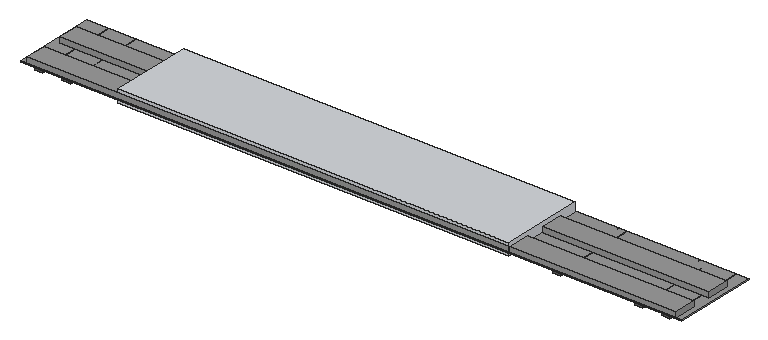
Revit family "2114-2, Veneer", category Generic Models, host Face, Revit 2020
Family settings
  Host = Face
  Can host rebar = No
  Round Connector Dimension = Use Diameter
  Part Type = Normal
  Cut with Voids When Loaded = No
  Shared = No
  Room Calculation Point = No
Parameters
  min_value [instance] = 1' - 11 1/4"  # constant formula
  max_value [instance] = 9' - 11 1/4"  # constant formula
  actual_value [instance] = if(NET LENGTH < min_value, min_value, if(NET LENGTH > max_value, max_value, NET LENGTH))  # 7' - 11 1/4"
  SCRIM MATERIAL [instance] = SCRIM
  SCRIM [instance] = yes
  NET LENGTH [instance] = 7' - 11 1/4"
  Default Elevation = 4' - 0"
  BACKER MATERIAL [instance] = BLACK-BACKERS
  .. MEMBER WIDTH [instance] = 0' - 3 1/4"  # constant formula
  .. MEMBER MATERIAL [instance] = Veneer Cherry
  .. MEMBER LENGTH [instance] = actual_value  # 7' - 11 1/4"
  .. MEMBER DEPTH [instance] = 0' - 0 3/4"  # constant formula
  .. MEMBER COUNT [instance] = 2  # constant formula
  IMPORTANT NOTE!!!                                                                             *Backer layout is for visualization purposes only, final layout to be determined by 9Wood. [instance] = ""
Reference planes (in)
  plane 1 "Center (Front/Back)": y = 0
  plane 2: z = 1.82209
  plane 3 "Center (Left/Right)": x = 0
Forms (in)
  Extrusion 1, solid
    sketch origin (132, -33.80483, 0) x (1, 0, 0) y (0, 1, 0)
      loop
        line (-118.625, 33.80483) -> (-61.26146, 33.80483) -> (-61.26146, 45.86733) -> (-118.625, 45.86733) -> (-118.625, 33.80483)
    from 1.82209 to 0
Dimensions and locks (in)
  aligned and locked: Extrusion 1 to plane 2
  aligned and locked: plane 3 "Center (Left/Right)" to nested 1
Nested families (in)
  nested 1: "1100 SERIES CONFIG" at (0, 2, 0), .. MEMBER DEPTH <- ".. MEMBER DEPTH", .. MEMBER LENGTH <- ".. MEMBER LENGTH", .. MEMBER WIDTH <- ".. MEMBER WIDTH", .. MEMBER MATERIAL <- ".. MEMBER MATERIAL", BACKING M MATERIAL <- "BACKER MATERIAL", SCRIM  MATERIAL <- "SCRIM MATERIAL", .. MEMBER COUNT <- ".. MEMBER COUNT", SCRIM <- "SCRIM", type "1100 SERIES CONFIG"
    with X 7' - 8", SCRIM OVERHANG 2 0' - 0 3/32", SCRIM OVERHANG 0' - 0 7/8", SCRIM LENGTH 8' - 1", SCRIM  MATERIAL SCRIM, SCRIM yes, NOMINAL LENGTH 7, N 8, Inset 6' - 0 3/8", INSET 0' - 1", INDEX 0' - 5 5/8", HALF MEMBER WIDTH 0' - 1 5/8", HALF LENGTH 3' - 11 5/8", END BACKER yes, BACKING M WIDTH 0' - 1 1/4", BACKING M OC SPACING 1' - 0", BACKING M MATERIAL BLACK-BACKERS, BACKING M LENGTH 0' - 11 7/8", BACKING M DEPTH 0' - 0 1/2", BACKING M COUNT 8, 3/16" INSET 0' - 0 3/16", .. MEMBER WIDTH 0' - 3 1/4", .. MEMBER OC SPACING 0' - 6", .. MEMBER MATERIAL Veneer Cherry, .. MEMBER LENGTH 7' - 11 1/4", .. MEMBER DEPTH 0' - 0 3/4", .. MEMBER COUNT 2
Definition of nested family "1100 SERIES CONFIG"
  Parameters (values of type "1100 SERIES CONFIG")
    X [instance] = .. MEMBER LENGTH - 0' 3 1/4"  # 5' - 5"
    SCRIM OVERHANG 2 [instance] = 0' - 0 3/32"  # constant formula
    SCRIM OVERHANG [instance] = 0' - 0 7/8"  # constant formula
    SCRIM LENGTH [instance] = .. MEMBER LENGTH + (SCRIM OVERHANG * 2)  # 5' - 10"
    SCRIM  MATERIAL [instance] = none
    SCRIM [instance] = yes
    NOMINAL LENGTH [instance] = 7
    N [instance] = if((X - (rounddown(X / 1' 0") * 1' 0")) > 1' 0", rounddown(X / 1' 0") + 2, rounddown(X / 1' 0") + 1)  # 6
    Inset [instance] = 6' - 0 3/8"  # constant formula
    INSET [instance] = 0' - 1"  # constant formula
    END BACKER [instance] = INDEX > 0' 3 5/8"  # yes
    INDEX [instance] = (.. MEMBER LENGTH - ((N - 1) * 1' 0")) / 2  # 0' - 4 1/8"
    HALF MEMBER WIDTH [instance] = .. MEMBER WIDTH / 2  # 0' - 0 5/16"
    HALF LENGTH [instance] = .. MEMBER LENGTH / 2  # 2' - 10 1/8"
    Default Elevation = 0' - 0"
    BACKING M WIDTH [instance] = 0' - 1 1/4"
    BACKING M SPACING = 3' - 3"
    BACKING M MATERIAL [instance] = none
    BACKING M LENGTH [instance] = 0' - 11 7/8"
    BACKING M DEPTH [instance] = 0' - 0 1/2"
    BACKING M COUNT [instance] = N  # 6
    BACKING M OC SPACING [instance] = 1' - 0"  # constant formula
    3/16" INSET [instance] = 0' - 0 3/16"  # constant formula
    .. MEMBER WIDTH [instance] = 0' - 0 5/8"
    .. MEMBER OC SPACING [instance] = 1' 0" / .. MEMBER COUNT  # 0' - 4"
    .. MEMBER MATERIAL [instance] = none
    .. MEMBER LENGTH [instance] = 5' - 8 1/4"
    .. MEMBER DEPTH [instance] = 0' - 1 3/8"
    .. MEMBER COUNT [instance] = 3
  Reference planes (in)
    plane 1 "Center (Front/Back)": y = -2
    plane 2: z = 0
    plane 3 "Center (Left/Right)": x = 0
    plane 4: x = 1
    plane 5: x = 4.125
    plane 6: x = 34.125
    plane 7: x = 68.25
    plane 8: x = 67.25
    plane 9: x = 16.125
    plane 10: y = -1.8125
    plane 11: y = -1.6875
    plane 12: y = 2.3125
    plane 13: x = 69.125
    plane 14: x = -0.875
    plane 15: z = 0.5
    plane 16: z = 0.5625
    plane 17: y = 10.0625
    plane 18: y = 10.15625
    plane 19: y = -2.09375
  Dimensions and locks (in)
    "INSET": plane 3 "Center (Left/Right)" to plane 4
    "INDEX": plane 3 "Center (Left/Right)" to plane 5
    "HALF LENGTH": plane 3 "Center (Left/Right)" to plane 6
    ".. MEMBER LENGTH": plane 3 "Center (Left/Right)" to plane 7
    "INSET": plane 8 to plane 7
    equal spacing: group 2, group 3, group 6, group 7, group 8, group 9  (x3)
    "3/16" INSET": plane 1 "Center (Front/Back)" to plane 10
    ".. MEMBER OC SPACING": plane 12 to plane 11
    "SCRIM OVERHANG": plane 14 to plane 3 "Center (Left/Right)"
    "SCRIM OVERHANG": plane 7 to plane 13
    equal spacing: group 1, group 4, group 5  (x2)
    equal spacing: group 5, group 4, group 1
    "HALF MEMBER WIDTH": plane 1 "Center (Front/Back)" to plane 11
    "BACKING M OC SPACING": plane 5 to plane 9
    "SCRIM OVERHANG 2": plane 18 to plane 17
    "SCRIM OVERHANG 2": plane 19 to plane 1 "Center (Front/Back)"
    aligned and locked: level to plane 2
    aligned and locked: plane 6 to nested 1
    aligned and locked: nested 2 to plane 4
    aligned and locked: plane 5 to nested 3
    aligned and locked: plane 1 "Center (Front/Back)" to nested 1
    aligned and locked: nested 2 to plane 10
    aligned and locked: nested 3 to plane 10
    aligned and locked: nested 5 to plane 10
    aligned and locked: nested 4 to plane 10
    aligned and locked: nested 6 to plane 14
    aligned and locked: plane 12 to nested 7
    aligned and locked: nested 7 to plane 3 "Center (Left/Right)"
    aligned and locked: plane 9 to nested 5
    aligned and locked: plane 8 to nested 4
    aligned and locked: plane 15 to nested 2
    aligned and locked: nested 6 to plane 15
    aligned and locked: nested 1 to plane 16
    aligned and locked: nested 7 to plane 16
    aligned and locked: nested 6 to plane 19
  Nested families (in)
    nested 1: "INSTANCE - Parametric Cube" at (34.125, -1.6875, 1.9375), Length <- ".. MEMBER WIDTH", Height <- ".. MEMBER DEPTH", Width <- ".. MEMBER LENGTH", Material <- ".. MEMBER MATERIAL", type "INSTANCE - Parametric Cube"
      with Width 5' - 8 1/4", Material none, Length 0' - 0 5/8", Height 0' - 1 3/8"
    nested 2: "2ND INSTANCE - Parametric Cube" at (1.625, 4.125, 0), Height <- "BACKING M DEPTH", Length <- "BACKING M LENGTH", Width <- "BACKING M WIDTH", Material <- "BACKING M MATERIAL", visible <- "END BACKER", type "2ND INSTANCE - Parametric Cube"
      with Width 0' - 1 1/4", Material none, Length 0' - 11 7/8", Height 0' - 0 1/2"
    nested 3: "2ND INSTANCE - Parametric Cube" at (4.125, 4.125, 0), Length <- "BACKING M LENGTH", Height <- "BACKING M DEPTH", Width <- "BACKING M WIDTH", Material <- "BACKING M MATERIAL", type "2ND INSTANCE - Parametric Cube"
      with Width 0' - 1 1/4", Material none, Length 0' - 11 7/8", Height 0' - 0 1/2"
    nested 4: "2ND INSTANCE - Parametric Cube" at (66.625, 4.125, 0), Width <- "BACKING M WIDTH", Length <- "BACKING M LENGTH", Height <- "BACKING M DEPTH", Material <- "BACKING M MATERIAL", visible <- "END BACKER", type "2ND INSTANCE - Parametric Cube"
      with Width 0' - 1 1/4", Material none, Length 0' - 11 7/8", Height 0' - 0 1/2"
    nested 5: "2ND INSTANCE - Parametric Cube" at (16.125, 4.125, 0), Length <- "BACKING M LENGTH", Height <- "BACKING M DEPTH", Width <- "BACKING M WIDTH", Material <- "BACKING M MATERIAL", type "2ND INSTANCE - Parametric Cube"
      with Width 0' - 1 1/4", Material none, Length 0' - 11 7/8", Height 0' - 0 1/2"
    nested 6: "3RD INSTANCE - Parametric Cube" at (34.125, 4.0445, 0.5), Width <- "SCRIM LENGTH", Material <- "SCRIM  MATERIAL", visible <- "SCRIM", type "3RD INSTANCE - Parametric Cube"
      with Width 5' - 10", Material none, Length 1' - 0.27649", Height 0' - 0 1/16"
    nested 7: "INSTANCE - Parametric Cube" at (34.125, 2.3125, 1.9375), Length <- ".. MEMBER WIDTH", Height <- ".. MEMBER DEPTH", Width <- ".. MEMBER LENGTH", Material <- ".. MEMBER MATERIAL", type "INSTANCE - Parametric Cube"
      with Width 5' - 8 1/4", Material none, Length 0' - 0 5/8", Height 0' - 1 3/8"
    nested 8: "INSTANCE - Parametric Cube" at (34.125, 6.3125, 1.9375), Length <- ".. MEMBER WIDTH", Height <- ".. MEMBER DEPTH", Width <- ".. MEMBER LENGTH", Material <- ".. MEMBER MATERIAL", type "INSTANCE - Parametric Cube"
      with Width 5' - 8 1/4", Material none, Length 0' - 0 5/8", Height 0' - 1 3/8"
    nested 9: "2ND INSTANCE - Parametric Cube" at (28.125, 4.125, 0), Length <- "BACKING M LENGTH", Height <- "BACKING M DEPTH", Width <- "BACKING M WIDTH", Material <- "BACKING M MATERIAL", type "2ND INSTANCE - Parametric Cube"
      with Width 0' - 1 1/4", Material none, Length 0' - 11 7/8", Height 0' - 0 1/2"
    nested 10: "2ND INSTANCE - Parametric Cube" at (40.125, 4.125, 0), Length <- "BACKING M LENGTH", Height <- "BACKING M DEPTH", Width <- "BACKING M WIDTH", Material <- "BACKING M MATERIAL", type "2ND INSTANCE - Parametric Cube"
      with Width 0' - 1 1/4", Material none, Length 0' - 11 7/8", Height 0' - 0 1/2"
    nested 11: "2ND INSTANCE - Parametric Cube" at (52.125, 4.125, 0), Length <- "BACKING M LENGTH", Height <- "BACKING M DEPTH", Width <- "BACKING M WIDTH", Material <- "BACKING M MATERIAL", type "2ND INSTANCE - Parametric Cube"
      with Width 0' - 1 1/4", Material none, Length 0' - 11 7/8", Height 0' - 0 1/2"
    nested 12: "2ND INSTANCE - Parametric Cube" at (64.125, 4.125, 0), Length <- "BACKING M LENGTH", Height <- "BACKING M DEPTH", Width <- "BACKING M WIDTH", Material <- "BACKING M MATERIAL", type "2ND INSTANCE - Parametric Cube"
      with Width 0' - 1 1/4", Material none, Length 0' - 11 7/8", Height 0' - 0 1/2"
  Definition of nested family "INSTANCE - Parametric Cube"
    Parameters (values of type "INSTANCE - Parametric Cube")
      Width [instance] = 0' - 6"
      Material [instance] = none
      Length [instance] = 1' - 0"
      Height [instance] = 1' - 6"
      Default Elevation = 0' - 0"
    Reference planes (in)
      plane 1 "Center (Front/Back)": y = 0
      plane 2: z = 0
      plane 3 "Center (Left/Right)": x = 0
      plane 4: x = -3
      plane 5: x = 3
      plane 6: y = 6
      plane 7: y = -6
      plane 8: z = -18
    Forms (in)
      Extrusion 1, solid, material <- "Material"
        sketch origin (0, 0, 0) x (1, 0, 0) y (0, 1, 0)
          loop
            line (-3, 6) -> (-3, -6) -> (3, -6) -> (3, 6) -> (-3, 6)
        from -18 to 0
    Dimensions and locks (in)
      equal spacing: plane 4, plane 3 "Center (Left/Right)", plane 5
      equal spacing: plane 6, plane 1 "Center (Front/Back)", plane 7
      "Length": plane 6 to plane 7
      "Width": plane 4 to plane 5
      "Height": plane 8 to level
      aligned and locked: plane 2 to level
      aligned and locked: Extrusion 1 sketch curve to plane 6
      aligned and locked: plane 4 to Extrusion 1 sketch curve
      aligned and locked: plane 7 to Extrusion 1 sketch curve
      aligned and locked: Extrusion 1 sketch curve to plane 5
      aligned and locked: Extrusion 1 to plane 8
  Definition of nested family "2ND INSTANCE - Parametric Cube"
    Parameters (values of type "2ND INSTANCE - Parametric Cube")
      Width [instance] = 0' - 6"
      Material [instance] = none
      Length [instance] = 1' - 0"
      Height [instance] = 1' - 6"
      Default Elevation = 0' - 0"
    Reference planes (in)
      plane 1 "Center (Front/Back)": y = 0
      plane 2: z = 0
      plane 3 "Center (Left/Right)": x = 0
      plane 4: x = -3
      plane 5: x = 3
      plane 6: y = 6
      plane 7: y = -6
      plane 8: z = 18
    Forms (in)
      Extrusion 1, solid, material <- "Material"
        sketch origin (0, 0, 0) x (1, 0, 0) y (0, 1, 0)
          loop
            line (-3, 6) -> (-3, -6) -> (3, -6) -> (3, 6) -> (-3, 6)
        from 0 to 18
    Dimensions and locks (in)
      equal spacing: plane 4, plane 3 "Center (Left/Right)", plane 5
      equal spacing: plane 6, plane 1 "Center (Front/Back)", plane 7
      "Length": plane 6 to plane 7
      "Width": plane 4 to plane 5
      "Height": level to plane 8
      aligned and locked: plane 2 to level
      aligned and locked: Extrusion 1 sketch curve to plane 6
      aligned and locked: plane 4 to Extrusion 1 sketch curve
      aligned and locked: plane 7 to Extrusion 1 sketch curve
      aligned and locked: Extrusion 1 sketch curve to plane 5
      aligned and locked: plane 8 to Extrusion 1
      aligned and locked: Extrusion 1 to level
  Definition of nested family "3RD INSTANCE - Parametric Cube"
    Parameters (values of type "3RD INSTANCE - Parametric Cube")
      Width [instance] = 0' - 6"
      Material [instance] = none
      Length [instance] = 1' - 0"
      Height [instance] = 1' - 6"
      Default Elevation = 0' - 0"
    Reference planes (in)
      plane 1 "Center (Front/Back)": y = 0
      plane 2: z = 0
      plane 3 "Center (Left/Right)": x = 0
      plane 4: x = -3
      plane 5: x = 3
      plane 6: y = 6
      plane 7: y = -6
      plane 8: z = 18
    Forms (in)
      Extrusion 1, solid, material <- "Material"
        sketch origin (0, 0, 0) x (1, 0, 0) y (0, 1, 0)
          loop
            line (-3, 6) -> (-3, -6) -> (3, -6) -> (3, 6) -> (-3, 6)
        from 0 to 18
    Dimensions and locks (in)
      equal spacing: plane 4, plane 3 "Center (Left/Right)", plane 5
      equal spacing: plane 6, plane 1 "Center (Front/Back)", plane 7
      "Length": plane 6 to plane 7
      "Width": plane 4 to plane 5
      "Height": level to plane 8
      aligned and locked: plane 2 to level
      aligned and locked: Extrusion 1 sketch curve to plane 6
      aligned and locked: plane 4 to Extrusion 1 sketch curve
      aligned and locked: plane 7 to Extrusion 1 sketch curve
      aligned and locked: Extrusion 1 sketch curve to plane 5
      aligned and locked: plane 8 to Extrusion 1
      aligned and locked: Extrusion 1 to level
